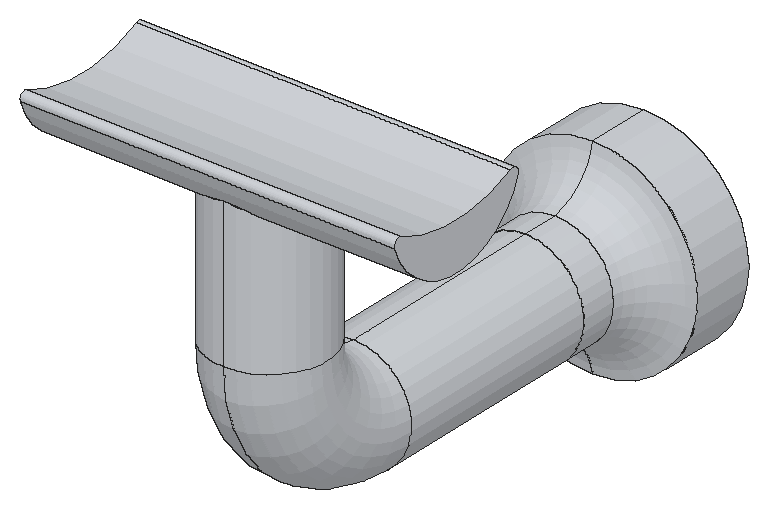
Revit family "374", category Supports, Revit 2019
Family settings
  Work Plane-Based = No
  Always vertical = Yes
  Cut with Voids When Loaded = No
  Shared = No
Parameters
  URL = "https://www.juliusblum.com/"
  Finish = none
  Model = "374"
  Manufacturer = "Julius Blum & Co Inc."
  built-in parameter 1152166 = 0' - 3"
  built-in parameter 1152165 [instance] = 0' - 2 1/2"
  Description = "Julius Blum & Co Inc. supplies stock material only and does not offer custom design, fabricating or installation services."
Reference planes (in)
  plane 1 "Center (Front/Back)": y = 0
  plane 2: z = 0
  plane 3 "Center (Left/Right)": x = 0
  plane 4: z = -3
  plane 5 "Hand Clearance": y = 2.5
Forms (in)
  Revolve 1, solid
    sketch origin (0, 0, 0) x (0, 1, 0) y (0, 0, 1)
      loop
        line (2.5, -0.9151) -> (2.16046, -0.9151)
        arc (2.16046, -0.9151) -> (2.07656, -1.0811) -> (1.91071, -1.1653) r 0.29876
        line (1.91071, -1.1653) -> (1.71278, -1.1653) -> (1.71278, -1.47428) -> (2.5, -1.47428) -> (2.5, -0.9151)
      axis (2.5, -1.47428) -> (1.71278, -1.47428)
    angle from 0 to 360
  Sweep 2, solid
    path origin (0, 0, 0) x (0, 1, 0) y (0, 0, 1)
      loop
        line (1.71278, -1.1653) -> (0.56353, -1.1653)
        arc (0.56353, -1.1653) -> (0.38675, -1.09208) -> (0.31353, -0.9153) r 0.25
        line (0.31353, -0.9153) -> (0.31353, -0.08752)
    profile origin (0, 1.13815, -1.1653) x (0, 0, -1) y (1, 0, 0)
      loop
        circle (0.30898, 0) r 0.30898
  Extrusion 3, solid
    sketch origin (0, 0, 0) x (0, 1, 0) y (0, 0, 1)
      loop
        arc (0.36597, 0.08504) -> (0, 0) -> (-0.36597, 0.08504) r 0.83
        arc (-0.36597, 0.08504) -> (-0.39993, 0.08065) -> (-0.40913, 0.04768) r 0.031
        arc (-0.40913, 0.04768) -> (0, -0.25) -> (0.40913, 0.04768) r 0.43
        arc (0.40913, 0.04768) -> (0.39993, 0.08065) -> (0.36597, 0.08504) r 0.031
    from -1 to 1
Cuts and joins
  joined: Sweep 2, Extrusion 3
Dimensions and locks (in)
  "built-in parameter 1152166": plane 2 to plane 4
  "built-in parameter 1152165": plane 5 "Hand Clearance" to plane 1 "Center (Front/Back)"
  aligned and locked: plane 2 to level
Automatic sketch dimensions
  Revolve 1 sketch curve to plane 5 "Hand Clearance" = 0' - 0"  (x2)
  plane 5 "Hand Clearance" to Revolve 1 sketch curve = 0' - 0.33954"
  Revolve 1 sketch curve to Revolve 1 sketch curve = 0' - 0.24974"
  Revolve 1 sketch curve to Revolve 1 sketch curve = 0' - 0.29534"
  Revolve 1 sketch curve to Revolve 1 sketch curve = 0' - 0.19793"
  Revolve 1 sketch curve to level = 0' - 1.47428"
  Revolve 1 sketch curve to Revolve 1 sketch curve = 0' - 0.30898"
  Revolve 1 sketch curve to Revolve 1 sketch curve = 0' - 0.55918"
  Revolve 1 sketch curve to Revolve 1 sketch curve = 0' - 0.16576"
  Revolve 1 sketch curve to Revolve 1 sketch curve = 0' - 0"
  Sweep 2 sketch curve to plane 3 "Center (Left/Right)" = 0' - 0"
  Sweep 2 sketch curve to profile plane = 0' - 0.30898"
  Extrusion 3 sketch curve to plane 1 "Center (Front/Back)" = 0' - 0"  (x2)
  level to Extrusion 3 sketch curve = 0' - 0.05722"
  Extrusion 3 sketch curve to plane 1 "Center (Front/Back)" = 0' - 0.37964"
  level to Extrusion 3 sketch curve = 0' - 0.83"
  level to Extrusion 3 sketch curve = 0' - 0.08504"
  plane 1 "Center (Front/Back)" to Extrusion 3 sketch curve = 0' - 0.36597"
  Extrusion 3 sketch curve to Extrusion 3 sketch curve = 0' - 0"  (x3)
  Extrusion 3 sketch curve to Extrusion 3 sketch curve = 0' - 0.0295"
  Extrusion 3 sketch curve to Extrusion 3 sketch curve = 0' - 0.04316"
  Sweep 2 sketch curve to plane 1 "Center (Front/Back)" = 0' - 0.31353"
  Sweep 2 sketch curve to Sweep 2 sketch curve = 0' - 0 1/4"
  Sweep 2 sketch curve to level = 0' - 1.1653"
  plane 5 "Hand Clearance" to Sweep 2 sketch curve = 0' - 0.78722"
  Sweep 2 sketch curve to level = 0' - 0.08752"
  radius of Sweep 2 sketch curve = 0' - 0.30898"
